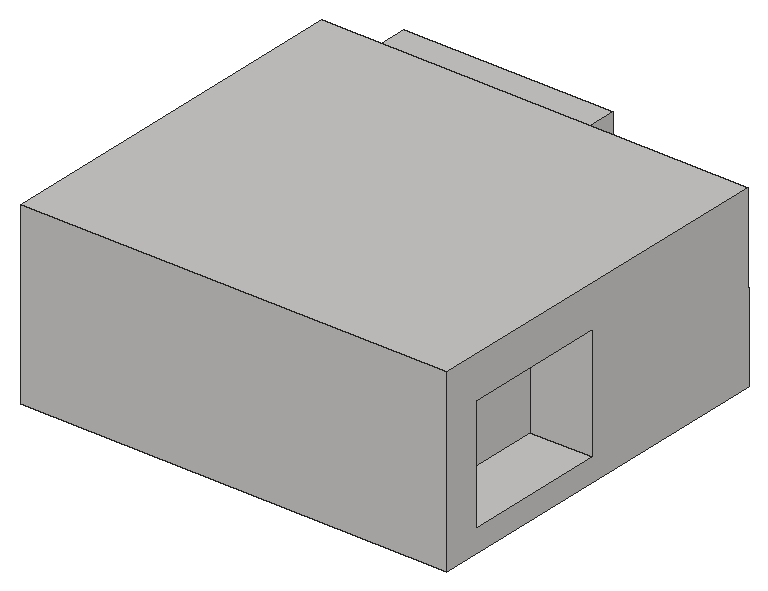
Revit family
Parameters
  Width = 3' - 0 1/8"
  Voltage = 208 V
  Unit Weight = "145.0 lbs"
  UltraLoc Liner = Choose Liner Option = 3  # no
  URL = "http://www.titus-hvac.com/"
  UL = "181"
  Supply Air Flow [instance] = 0 CFM
  SteriLoc Liner = Choose Liner Option = 2  # no
  Primary Air Pressure Drop [instance] = 0.00 in-wg
  Primary Air Flow [instance] = 0 CFM
  Plenum Air Pressure Drop [instance] = 0.00 in-wg
  Plenum Air Flow [instance] = 0 CFM
  Outlet Width = 1' - 2"
  Outlet Vertical Offset = 0' - 1 1/8"
  Outlet Horizontal Offset = 0' - 1 3/8"
  Outlet Height = 0' - 11"
  Number of Poles = 2
  Nominal Width = Width + 0' 6 1/4"  # 3' - 6 3/8"
  Nominal Length = Length + 0' 3 3/8"  # 3' - 8 1/4"
  Nominal Inlet Size = 0' - 6"
  Nominal Height = 1' - 5 1/8"
  NFPA = "90A"
  Motor Full Load Amps = 1.8 A
  Model = "DTQS"
  Min. Air Flow = 0 CFM
  Max. Air Flow = 0 CFM
  Material = Galvanized Steel
  Manufacturer = "Titus"
  Length = 3' - 4 7/8"
  Juction Box Offset = 0' - 2 7/8"
  Inlet Diameter = Nominal Inlet Size - 0' 0 1/8"  # 0' - 5 7/8"
  Induced Air Inlet Offset = 0' - 4 1/2"
  Induced Air Inlet Width = 1' - 1 1/4"
  Induced Air Inlet Height = 1' - 2 1/2"
  Induced Air Filter = no
  Heating Total Capacity [instance] = 0 Btu/h
  Half Outlet Connection Width = Outlet Width / 2  # 0' - 7"
  Half Outlet Connection Height = Outlet Height / 2  # 0' - 5 1/2"
  Half Height Start = -(Nominal Height / 2)  # -0' - 8 9/16"
  Half Height End = Nominal Height / 2  # 0' - 8 9/16"
  HP-Motor = "1/6"
  Frequency = 60 Hz
  Filter Size = "19\"x17\""
  Fiber Free Liner = Choose Liner Option = 1  # no
  Fan Disconnect Switch = no
  Duct Radius = Nominal Inlet Size / 2  # 0' - 3"
  Description = "Series Fan Powered Terminal Unit, Direct Digital Control, Pressure Independent"
  Connection Void Radius = Connection Radius - 0' 0 1/4"  # 0' - 2 11/16"
  Connection Radius = Inlet Diameter / 2  # 0' - 2 15/16"
  Choose Liner Option = 0
  CADworks URL = "www.CADworks.net"
  Assembly Code = "D3040100"
  Apparent Power = Voltage * Motor Full Load Amps  # 374.4 VA
  Air Inlet Offset = 0' - 6"
  1/2" Fiberglass Liner = Choose Liner Option = 0  # yes
Reference planes (in)
  plane 1 "Center (Front/Back)": y = 0
  plane 2: z = 0
  plane 3 "Center (Left/Right)": x = 3
  plane 4: x = -17.4375
  plane 5: x = 23.4375
  plane 6: x = -14.5625
  plane 7: x = -20.8125
  plane 8 "Center (Elevation)": z = 0
  plane 9: y = -18.0625
  plane 10: y = 18.0625
  plane 11: y = 12.0625
  plane 12: y = -13.5625
  plane 13: x = -11.4375
  plane 14: x = 17.4375
  plane 15: y = 24.3125
  plane 16: z = 8.5625
  plane 17: z = -8.5625
Forms (in)
  Extrusion 1, solid, material "Galvanized Steel" <- "Material"
    sketch origin (61, -3.76302, 78.80279) x (1, 0, 0) y (0, 1, 0)
      loop
        line (-78.4375, 21.82552) -> (-78.4375, -14.29948) -> (-37.5625, -14.29948) -> (-37.5625, 21.82552) -> (-78.4375, 21.82552)
    from -87.36529 <- "Half Height Start" to -70.24029 <- "Half Height End"
  Extrusion 2, solid, material "Galvanized Steel" <- "Material"
    sketch origin (4.0625, 0, 42) x (1, 0, 0) y (0, 1, 0)
      loop
        line (-18.625, 18.0625) -> (1.375, 18.0625) -> (1.375, 24.3125) -> (-18.625, 24.3125) -> (-18.625, 18.0625)
    from -48 to -36
  Extrusion 3, void
    sketch origin (23.4375, 18.0625, 76.42779) x (0, 1, 0) y (0, 0, -1)
      loop
        line (-18.625, 71.86529) -> (-18.625, 82.86529) -> (-32.625, 82.86529) -> (-32.625, 71.86529) -> (-18.625, 71.86529)
    from 0 to 6
  Extrusion 4, solid, material "Galvanized Steel" <- "Material"
    sketch origin (-24.875, -0.4375, 0) x (0, 0, -1) y (0, 1, 0)
      loop
        circle (0, 12.5) r 2.9375
    from 4.0625 to 7.4375
  Extrusion 5, void
    sketch origin (-24.875, 0, 0) x (0, 1, 0) y (0, 0, 1)
      loop
        circle (12.0625, 0) r 2.6875
    from 4.0625 to 13.4375
  Extrusion 6, void
    sketch origin (-17.4375, -18.0625, 78.67779) x (0, -1, 0) y (0, 0, -1)
      loop
        line (-17.75, 71.49029) -> (-4.5, 71.49029) -> (-4.5, 85.99029) -> (-17.75, 85.99029) -> (-17.75, 71.49029)
    from 0 to 6
Cuts and joins
  Extrusion 3, Extrusion 5, Extrusion 6 cuts Extrusion 1
  Extrusion 5 cuts Extrusion 4
Dimensions and locks (in)
  "Length": plane 5 to plane 4
  equal spacing: plane 5, plane 3 "Center (Left/Right)", plane 4
  locked: Extrusion 2 to plane 6 at 0
  locked: Extrusion 2 to Extrusion 2 at 20
  "Juction Box Offset": plane 6 to plane 4
  "Outlet Height": Extrusion 3 sketch curve to Extrusion 3 sketch curve
  "Outlet Width": Extrusion 3 sketch curve to Extrusion 3 sketch curve
  locked: plane 4 to plane 7 at 3.375
  "Width": plane 9 to plane 10
  equal spacing: plane 9, plane 1 "Center (Front/Back)", plane 10
  locked: Extrusion 4 sketch curve to level at 0
  locked: Extrusion 4 sketch curve to plane 11 at 0
  locked: Extrusion 5 sketch curve to level at 0
  locked: Extrusion 5 sketch curve to plane 11 at 0
  locked: Extrusion 2 to Extrusion 2 at 6.25
  "Air Inlet Offset": plane 10 to plane 11
  locked: Extrusion 2 to plane 10 at 0
  locked: cut or joined group of Extrusion 4, Extrusion 5 to plane 7 at 0
  locked: cut or joined group of Extrusion 4, Extrusion 5 to cut or joined group of Extrusion 4, Extrusion 5 at 3.375
  "Induced Air Inlet Offset": plane 9 to plane 12
  "Induced Air Inlet Width": Extrusion 6 sketch curve to Extrusion 6 sketch curve
  "Induced Air Inlet Height": Extrusion 6 sketch curve to Extrusion 6 sketch curve
  "Induced Air Inlet Offset": Extrusion 6 sketch curve to plane 9
  locked: plane 9 to Extrusion 3 sketch curve at 3.5
  cut or joined group of Extrusion 1, Extrusion 3, Extrusion 5, Extrusion 6 to Extrusion 6 sketch curve = 0' - 1 3/8"
  cut or joined group of Extrusion 1, Extrusion 3, Extrusion 5, Extrusion 6 to Extrusion 3 sketch curve = 0' - 2 1/8"
  locked: Extrusion 2 to Extrusion 2 at 12
  equal spacing: Extrusion 2, level, Extrusion 2
  locked: cut or joined group of Extrusion 1, Extrusion 3, Extrusion 5, Extrusion 6 to cut or joined group of Extrusion 1, Extrusion 3, Extrusion 5, Extrusion 6 at 17.125
  equal spacing: cut or joined group of Extrusion 1, Extrusion 3, Extrusion 5, Extrusion 6, level, cut or joined group of Extrusion 1, Extrusion 3, Extrusion 5, Extrusion 6
  locked: plane 4 to plane 13 at 6
  locked: plane 14 to plane 5 at 6
  "Connection Radius": radius of Extrusion 4 sketch curve
  "Connection Void Radius": radius of Extrusion 5 sketch curve
  aligned and locked: cut or joined group of Extrusion 1, Extrusion 3, Extrusion 5, Extrusion 6 to plane 10
  aligned and locked: plane 9 to cut or joined group of Extrusion 1, Extrusion 3, Extrusion 5, Extrusion 6
  aligned and locked: plane 5 to cut or joined group of Extrusion 1, Extrusion 3, Extrusion 5, Extrusion 6
  aligned and locked: cut or joined group of Extrusion 1, Extrusion 3, Extrusion 5, Extrusion 6 to plane 4
  aligned and locked: Extrusion 3 to plane 14
  aligned and locked: plane 13 to Extrusion 6
  aligned and locked: Extrusion 6 to Extrusion 5
Automatic sketch dimensions
  plane 4 to Extrusion 1 sketch curve = 0' - 0"
  plane 5 to Extrusion 1 sketch curve = 0' - 0"
  plane 9 to Extrusion 1 sketch curve = 0' - 0"
  plane 10 to Extrusion 1 sketch curve = 0' - 0"
  Extrusion 2 sketch curve to plane 6 = 0' - 0"
  Extrusion 2 sketch curve to plane 10 = 0' - 0"
  plane 3 "Center (Left/Right)" to Extrusion 2 sketch curve = 0' - 2 7/16"
  Extrusion 2 sketch curve to plane 10 = 0' - 6 1/4"
Connectors (in)
  electrical at (-4.5625, 24.3125, 0), driven by "Apparent Power", driven by "Voltage", driven by "Number of Poles"
    settings: on Extrusion 2, index 8
  hvac at (-20.8125, 12.0625, 0), driven by "Primary Air Flow", driven by "Duct Radius", driven by "Primary Air Pressure Drop"
    settings: on cut or joined group of Extrusion 4, Extrusion 5, index 9
  hvac at (-17.4375, -6.9375, -0.0625), driven by "Induced Air Inlet Width", driven by "Induced Air Inlet Height", driven by "Plenum Air Pressure Drop", driven by "Plenum Air Flow"
    settings: on cut or joined group of Extrusion 1, Extrusion 3, Extrusion 5, Extrusion 6, index 14
  hvac at (23.4375, -7.5625, -0.9375), driven by "Supply Air Flow", driven by "Outlet Width", driven by "Outlet Height"
    settings: on cut or joined group of Extrusion 1, Extrusion 3, Extrusion 5, Extrusion 6, index 15
